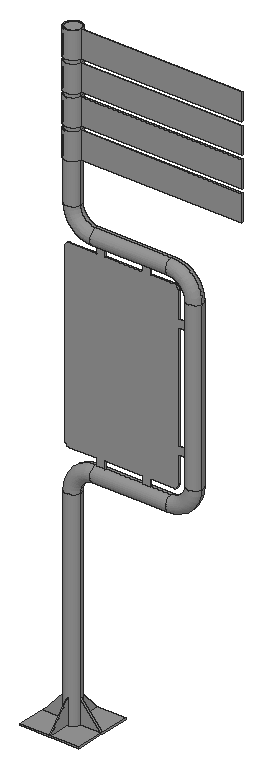
Revit family "11100 Указатель направления с картой «Яуза» А 2_1 Хоббика", category Антураж, Revit 2018
Family settings
  На основе рабочей плоскости = Нет
  Всегда вертикально = Да
  При загрузке вырезать с полостями = Нет
  Источник визуального образа = Геометрия семейства
  Общий = Нет
  Точка расчета площади = Нет
Parameters (values of type "Указатель направления с картой «Яуза» А 2.1")
  Ширина = 76 mm  # constant formula
  Цвет щита = Информационный щит
  Цвет каркаса = Сталь
  Описание = "Указатель направления с картой «Яуза» А 2.1"  # constant formula
  Материал изделия = "Сталь"  # constant formula
  Изображение типоразмера = Указатель направления с картой «Яуза» А 2.1 Арт 11100.jpg
  Изготовитель = "ООО «Хоббика»"  # constant formula
  Длина = 900 mm  # constant formula
  Группа модели = "Стенды и указатели"  # constant formula
  Высота = 3100 mm  # constant formula
  Артикул товара = "Арт. 11100"  # constant formula
  URL = "https://hobbyka.ru/product/ukazatel_yauza_21_s_tablichkami"
Reference planes
  plane 1 "По центру (Вперед/Назад)": y = 0
  plane 2: z = 0
  plane 3 "По центру (Влево/Вправо)": x = 0
  plane 4: y = 76
  plane 5: x = 900
  plane 6: z = 3100
Forms (mm)
  Sweep 1, solid, material "Сталь" <- "Цвет каркаса"
    path origin (0, 0, 0) x (1, 0, 0) y (0, 0, 1)
      loop
        line (76, 3100) -> (76, 2316)
        arc (76, 2316) -> (98.26, 2262.26) -> (152, 2240) r 76
        line (152, 2240) -> (528, 2240)
        arc (528, 2240) -> (635.48, 2195.48) -> (680, 2088) r 152
        line (680, 2088) -> (680, 1262)
        arc (680, 1262) -> (635.48, 1154.52) -> (528, 1110) r 152
        line (528, 1110) -> (152, 1110)
        arc (152, 1110) -> (98.26, 1087.74) -> (76, 1034) r 76
        line (76, 1034) -> (76, 0)
    profile origin (340, 0, 2240) x (0, 0, 1) y (0, -1, 0)
      loop
        circle (-38, -38) r 38
  Extrusion 2, solid, material "Сталь" <- "Цвет каркаса"
    sketch origin (0, 0, 0) x (1, 0, 0) y (0, 0, 1)
      loop
        line (15, 0) -> (15, 142.256) -> (-108.661, 0) -> (15, 0)
      loop
        line (61, 0) -> (184.661, 0) -> (61, 142.256) -> (61, 0)
    from -40.5 to -35.5
  Extrusion 3, solid, material "Сталь" <- "Цвет каркаса"
    sketch origin (0, 76, 0) x (0, -1, 0) y (0, 0, 1)
      loop
        line (15, 0) -> (15, 142.256) -> (-108.661, 0) -> (15, 0)
      loop
        line (61, 0) -> (184.661, 0) -> (61, 142.256) -> (61, 0)
    from -40.5 to -35.5
  Extrusion 4, solid, material "Сталь" <- "Цвет каркаса"
    sketch origin (0, 0, 0) x (1, 0, 0) y (0, 1, 0)
      loop
        line (-108.661, 184.661) -> (-108.661, -108.661) -> (184.661, -108.661) -> (184.661, 184.661) -> (-108.661, 184.661)
    from 0 to 5
  Extrusion 5, solid, material "Информационный щит" <- "Цвет щита"
    sketch origin (-500, 0, -505) x (1, 0, 0) y (0, 0, 1)
      loop
        arc (525, 2634.39) -> (507.322, 2627.067) -> (500, 2609.39) r 25
        line (500, 2609.39) -> (500, 1749.468)
        arc (500, 1749.468) -> (507.322, 1731.79) -> (525, 1724.468) r 25
        line (525, 1724.468) -> (660, 1724.468) -> (660, 1674.468) -> (700, 1674.468) -> (700, 1724.468) -> (885, 1724.468) -> (885, 1674.468) -> (925, 1674.468) -> (925, 1724.468) -> (1040, 1724.468)
        arc (1040, 1724.468) -> (1057.678, 1731.79) -> (1065, 1749.468) r 25
        line (1065, 1749.468) -> (1065, 1879.468) -> (1115, 1879.468) -> (1115, 1919.468) -> (1065, 1919.468) -> (1065, 2444.39) -> (1115, 2444.39) -> (1115, 2484.39) -> (1065, 2484.39) -> (1065, 2609.39)
        arc (1065, 2609.39) -> (1057.678, 2627.067) -> (1040, 2634.39) r 25
        line (1040, 2634.39) -> (925, 2634.39) -> (925, 2684.39) -> (885, 2684.39) -> (885, 2634.39) -> (700, 2634.39) -> (700, 2684.39) -> (660, 2684.39) -> (660, 2634.39) -> (525, 2634.39)
    from -40.5 to -35.5
  Extrusion 6, solid, material "Сталь"
    sketch origin (4, -0.125, -170) x (1, 0, 0) y (0, 1, 0)
      loop
        arc (75.958, 40) -> (33.063, 80.115) -> (-8, 38.125) r 42
        arc (-8, 38.125) -> (32.937, -3.861) -> (75.946, 36) r 42
        line (75.946, 36) -> (876, 36) -> (876, 40) -> (75.958, 40)
      loop
        circle (34, 38.125) r 38
    from 3140 to 3270
  Extrusion 7, solid, material "Сталь"
    sketch origin (4, -0.125, -170) x (1, 0, 0) y (0, 1, 0)
      loop
        line (75.946, 36) -> (876, 36) -> (876, 40) -> (75.958, 40)
        arc (75.958, 40) -> (33.063, 80.115) -> (-8, 38.125) r 42
        arc (-8, 38.125) -> (32.937, -3.861) -> (75.946, 36) r 42
      loop
        circle (34, 38.125) r 38
    from 2990 to 3120
  Extrusion 8, solid, material "Сталь"
    sketch origin (4, -0.125, -170) x (1, 0, 0) y (0, 1, 0)
      loop
        line (75.946, 36) -> (876, 36) -> (876, 40) -> (75.958, 40)
        arc (75.958, 40) -> (33.063, 80.115) -> (-8, 38.125) r 42
        arc (-8, 38.125) -> (32.937, -3.861) -> (75.946, 36) r 42
      loop
        circle (34, 38.125) r 38
    from 2840 to 2970
  Extrusion 9, solid, material "Сталь"
    sketch origin (4, -0.125, -170) x (1, 0, 0) y (0, 1, 0)
      loop
        line (75.946, 36) -> (876, 36) -> (876, 40) -> (75.958, 40)
        arc (75.958, 40) -> (33.063, 80.115) -> (-8, 38.125) r 42
        arc (-8, 38.125) -> (32.937, -3.861) -> (75.946, 36) r 42
      loop
        circle (34, 38.125) r 38
    from 2690 to 2820
Cuts and joins
  joined: Sweep 1, Extrusion 2, Extrusion 3, Extrusion 4
Dimensions and locks
  "Длина": plane 3 "По центру (Влево/Вправо)" to plane 5
  "Ширина": plane 4 to plane 1 "По центру (Вперед/Назад)"
  "Высота": plane 6 to plane 2
  aligned and locked: level to plane 2
Automatic sketch dimensions
  Extrusion 2 sketch curve to level = 0 mm  (x2)
  plane 3 "По центру (Влево/Вправо)" to Extrusion 2 sketch curve = 15 mm
  Extrusion 2 sketch curve to plane 3 "По центру (Влево/Вправо)" = 108.661 mm
  plane 3 "По центру (Влево/Вправо)" to Extrusion 2 sketch curve = 61 mm
  Extrusion 2 sketch curve to Extrusion 2 sketch curve = 123.661 mm
  level to Extrusion 2 sketch curve = 142.256 mm
  Extrusion 2 sketch curve to Extrusion 2 sketch curve = 0 mm
  Extrusion 3 sketch curve to level = 0 mm  (x2)
  Extrusion 3 sketch curve to plane 4 = 15 mm
  Extrusion 3 sketch curve to plane 1 "По центру (Вперед/Назад)" = 15 mm
  plane 4 to Extrusion 3 sketch curve = 108.661 mm
  plane 1 "По центру (Вперед/Назад)" to Extrusion 3 sketch curve = 108.661 mm
  level to Extrusion 3 sketch curve = 142.256 mm
  Extrusion 3 sketch curve to Extrusion 3 sketch curve = 0 mm
  profile plane to Sweep 1 sketch curve = 38 mm
  Sweep 1 sketch curve to plane 1 "По центру (Вперед/Назад)" = 38 mm
  Sweep 1 sketch curve to level = 0 mm
  Sweep 1 sketch curve to plane 6 = 0 mm
  Sweep 1 sketch curve to plane 5 = 220 mm
  Sweep 1 sketch curve to Sweep 1 sketch curve = 152 mm  (x2)
  plane 3 "По центру (Влево/Вправо)" to Sweep 1 sketch curve = 152 mm  (x2)
  plane 3 "По центру (Влево/Вправо)" to Sweep 1 sketch curve = 76 mm  (x2)
  level to Sweep 1 sketch curve = 1034 mm
  Sweep 1 sketch curve to Sweep 1 sketch curve = 826 mm
  Extrusion 6 sketch curve to plane 4 = 36.125 mm
  Extrusion 6 sketch curve to Extrusion 6 sketch curve = 0.012 mm
  Extrusion 6 sketch curve to plane 5 = 20 mm
  Extrusion 5 sketch curve to plane 3 "По центру (Влево/Вправо)" = 0 mm
  plane 3 "По центру (Влево/Вправо)" to Extrusion 5 sketch curve = 25 mm  (x2)
  Extrusion 5 sketch curve to Extrusion 5 sketch curve = 135 mm  (x2)
  Extrusion 5 sketch curve to Extrusion 5 sketch curve = 40 mm  (x6)
  Extrusion 5 sketch curve to plane 5 = 515 mm  (x2)
  Extrusion 5 sketch curve to Extrusion 5 sketch curve = 115 mm  (x2)
  Extrusion 5 sketch curve to Extrusion 5 sketch curve = 25 mm
  Extrusion 5 sketch curve to plane 5 = 335 mm
  Extrusion 5 sketch curve to Extrusion 5 sketch curve = 0 mm  (x5)
  Extrusion 5 sketch curve to Extrusion 5 sketch curve = 50 mm  (x5)
  level to Extrusion 5 sketch curve = 1169.468 mm
  Extrusion 5 sketch curve to Extrusion 5 sketch curve = 130 mm
  Extrusion 5 sketch curve to Extrusion 5 sketch curve = 524.922 mm
  Extrusion 5 sketch curve to Extrusion 5 sketch curve = 125 mm  (x2)
  Extrusion 6 sketch curve to plane 1 "По центру (Вперед/Назад)" = 35.875 mm
  Extrusion 6 sketch curve to plane 3 "По центру (Влево/Вправо)" = 0 mm
  Extrusion 6 sketch curve to plane 3 "По центру (Влево/Вправо)" = 4 mm
  Extrusion 6 sketch curve to Extrusion 6 sketch curve = 0 mm  (x3)
  Extrusion 6 sketch curve to Extrusion 6 sketch curve = 3.946 mm
  Extrusion 7 sketch curve to Extrusion 7 sketch curve = 0 mm  (x3)
  plane 3 "По центру (Влево/Вправо)" to Extrusion 7 sketch curve = 38 mm
  Extrusion 7 sketch curve to Extrusion 7 sketch curve = 41.946 mm
  Extrusion 7 sketch curve to Extrusion 7 sketch curve = 0.012 mm
  Extrusion 7 sketch curve to plane 5 = 20 mm
  Extrusion 7 sketch curve to plane 1 "По центру (Вперед/Назад)" = 35.875 mm
  Extrusion 7 sketch curve to plane 1 "По центру (Вперед/Назад)" = 38 mm
  Extrusion 7 sketch curve to plane 3 "По центру (Влево/Вправо)" = 0 mm
  Extrusion 8 sketch curve to Extrusion 8 sketch curve = 0 mm  (x3)
  plane 3 "По центру (Влево/Вправо)" to Extrusion 8 sketch curve = 38 mm
  Extrusion 8 sketch curve to Extrusion 8 sketch curve = 41.946 mm
  Extrusion 8 sketch curve to Extrusion 8 sketch curve = 0.012 mm
  Extrusion 8 sketch curve to plane 5 = 20 mm
  Extrusion 8 sketch curve to plane 1 "По центру (Вперед/Назад)" = 35.875 mm
  Extrusion 8 sketch curve to plane 1 "По центру (Вперед/Назад)" = 38 mm
  Extrusion 8 sketch curve to plane 3 "По центру (Влево/Вправо)" = 0 mm
  Extrusion 9 sketch curve to Extrusion 9 sketch curve = 0 mm  (x3)
  plane 3 "По центру (Влево/Вправо)" to Extrusion 9 sketch curve = 38 mm
  Extrusion 9 sketch curve to Extrusion 9 sketch curve = 41.946 mm
  Extrusion 9 sketch curve to Extrusion 9 sketch curve = 0.012 mm
  Extrusion 9 sketch curve to plane 5 = 20 mm
  Extrusion 9 sketch curve to plane 1 "По центру (Вперед/Назад)" = 35.875 mm
  Extrusion 9 sketch curve to plane 1 "По центру (Вперед/Назад)" = 38 mm
  Extrusion 9 sketch curve to plane 3 "По центру (Влево/Вправо)" = 0 mm
  Extrusion 4 sketch curve to plane 3 "По центру (Влево/Вправо)" = 108.661 mm
  plane 3 "По центру (Влево/Вправо)" to Extrusion 4 sketch curve = 184.661 mm
  plane 1 "По центру (Вперед/Назад)" to Extrusion 4 sketch curve = 108.661 mm
  plane 4 to Extrusion 4 sketch curve = 108.661 mm
  radius of Sweep 1 sketch curve = 38 mm
